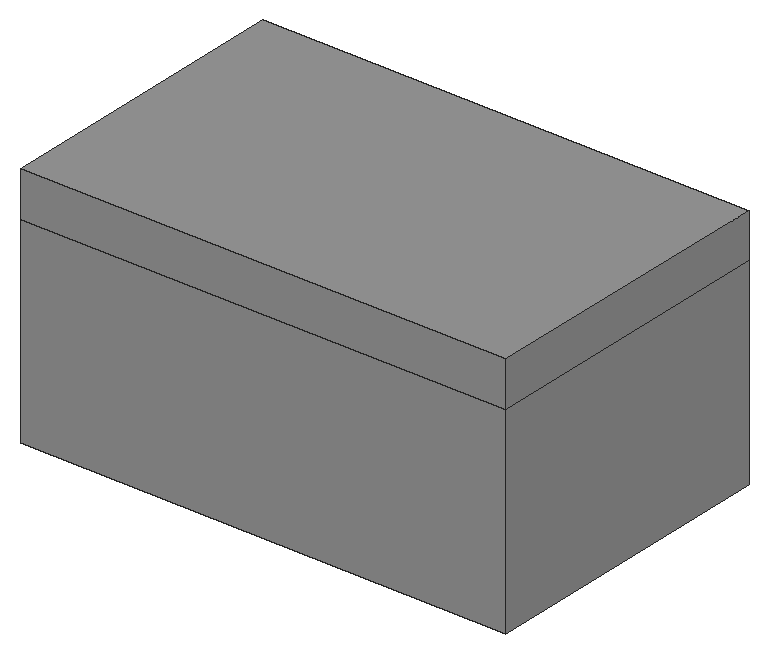
Revit family "aluminiumleergehäuse-Mx 161008SGR", category Generic Models, Revit 2017
Family settings
  Can host rebar = No
  Round Connector Dimension = Use Diameter
  Part Type = Normal
  Work Plane-Based = No
  Always vertical = Yes
  Cut with Voids When Loaded = No
  Shared = No
  Room Calculation Point = No
Parameters (values of type "Mx 161008 SGR")
  URL = "http://www.obo-bettermann.com"
  Material = Aluminiumdruckguss
  Manufacturer Art.No. = "2011316"
  Manufacturer = "OBO BETTERMANN"
  GTIN = "4012196030828"
  Article Type = "Mx 161008 SGR"
Reference planes
  plane 1 "Center (Front/Back)": y = 0
  plane 2: z = 0
  plane 3 "Center (Left/Right)": x = 0
  plane 4: z = 66
  plane 5: z = 66
  plane 6: z = 81
Forms (mm)
  Extrusion 1, solid, material "Aluminiumdruckguss" <- "Material"
    sketch origin (0, 0, 0) x (1, 0, 0) y (0, 1, 0)
      loop
        line (0, 0) -> (160, 0) -> (160, 100) -> (0, 100) -> (0, 0)
    from 0 to 66
  Extrusion 2, solid, material "Aluminiumdruckguss" <- "Material"
    sketch origin (0, 0, 0) x (1, 0, 0) y (0, 1, 0)
      loop
        line (0, 100) -> (0, 0) -> (160, 0) -> (160, 100) -> (0, 100)
    from 66 to 81
Dimensions and locks
  locked: Extrusion 1 sketch curve to Extrusion 1 sketch curve at 100
  locked: Extrusion 1 sketch curve to Extrusion 1 sketch curve at 160
  locked: plane 4 to Extrusion 1 at 66
  locked: Extrusion 1 to Extrusion 1 at 100
  locked: Extrusion 1 to Extrusion 1 at 160
  locked: Extrusion 2 to Extrusion 1 at 81
  aligned and locked: level to plane 2
  aligned and locked: plane 1 "Center (Front/Back)" to Extrusion 1
  aligned and locked: Extrusion 1 to plane 3 "Center (Left/Right)"
  aligned and locked: plane 5 to Extrusion 1
  aligned and locked: plane 1 "Center (Front/Back)" to Extrusion 2
  aligned and locked: Extrusion 2 to plane 3 "Center (Left/Right)"
  aligned and locked: Extrusion 2 to Extrusion 1  (x3)
  aligned and locked: Extrusion 2 to plane 6
